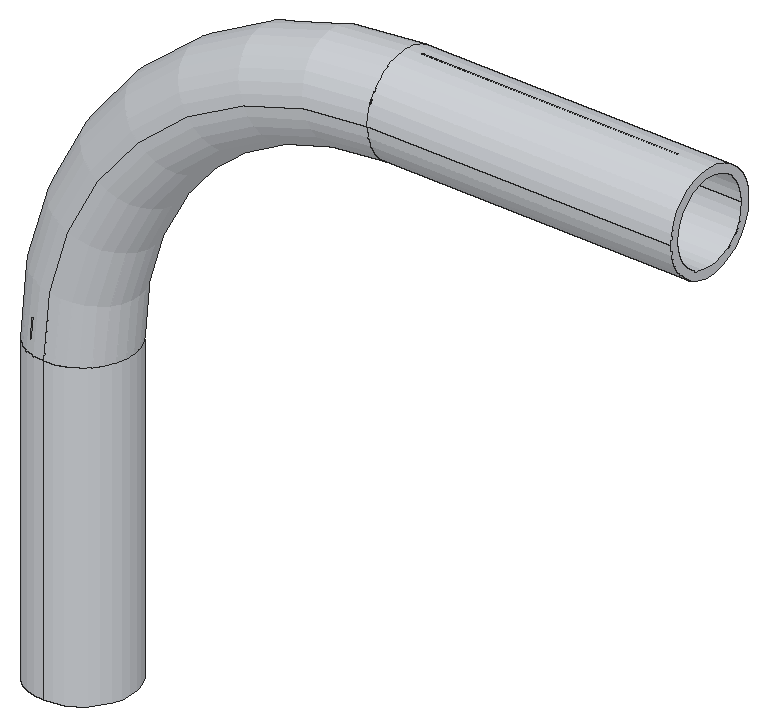
Revit family "PSB25W", category Generic Models, Revit 2017
Family settings
  Can host rebar = No
  Round Connector Dimension = Use Diameter
  Part Type = Normal
  Work Plane-Based = Yes
  Always vertical = No
  Cut with Voids When Loaded = No
  Shared = No
  Room Calculation Point = No
Parameters (values of type "NBS Standard Parameters")
  Weight = "0.0675Kg"
  WarrantyStartDate [instance] = "1900-12-31T23:59:59"
  WarrantyGuarantorParts = "n/a"
  WarrantyGuarantorLabor = "n/a"
  WarrantyDurationUnit = "1 year"
  WarrantyDurationParts = "n/a"
  WarrantyDurationLabor = "n/a"
  WarrantyDescription = "n/a"
  Version = "1"
  Uniclass2 = "Pr_65_70_11_20"
  TagNumber [instance] = "n/a"
  SustainabilityPerformance = "n/a"
  Size = "25mm"
  Shape = "n/a"
  SerialNumber [instance] = "n/a"
  Revision = "n/a"
  ReplacementCost = "n/a"
  ProductInformation = "www.metpro.co.uk/pdf/PSb25w.pdf"
  NominalWidth = 167.5 mm
  NominalLength = 167.5 mm
  NominalHeight = 27 mm
  Name = ""
  NBSTypeID = ""
  NBSReference = "90-55-10/460"
  NBSOfficeMasterTag = ""
  NBSNote = ""
  NBSDescription = "Conduit Fittings"
  NBSCertification = ""
  ModelReference = "PSB25W"
  ModelNumber = "n/a"
  Material = "PVC"
  ManufacturerURL = "www.metpro.co.uk"
  ManufacturerName = "Metpro Ltd"
  Keynote = "Manufactured to BS4607 Part 1"
  InstallationDate [instance] = "1900-12-31T23:59:59"
  IfcExportType = ""
  IfcExportAs = ""
  Grade = "n/a"
  Finish = "White"
  Features = "n/a"
  ExpectedLife = "n/a"
  DurationUnit = "year"
  Description = "PSB25W - 25mm PVC Solid Bend"
  Default Elevation = 1219.2 mm
  Constituents = "n/a"
  Color = "n/a"
  CodePerformance = "n/a"
  Category = "n/a"
  BarCode [instance] = "n/a"
  BIMObjectName = "Metpro_metprolibrary_Conduitfittings_PVCcomponent_accessory"
  Author = "Metpro Ltd"
  AssetType = ""
  AssetIdentifier [instance] = "n/a"
  AccessibilityPerformance = "n/a"
Reference planes
  plane 1 "Center (Front/Back)": y = 0
  plane 2: z = 0
  plane 3 "Center (Left/Right)": x = 0
Forms (mm)
  Sweep 1, solid
    path origin (-13.378, -8.937, 0) x (-1, 0, 0) y (0, 0, 1)
      loop
        line (-139.023, 20.433) -> (-64.023, 20.433)
        arc (-64.023, 20.433) -> (-7.454, -2.999) -> (15.977, -59.567) r 80
        line (15.977, -59.567) -> (15.977, -134.567)
    profile origin (88.145, -8.937, 20.433) x (0, 0, 1) y (0, 1, 0)
      loop
        circle (0, 0) r 10
      loop
        circle (0, 0) r 12
Dimensions and locks
  aligned and locked: level to plane 2
